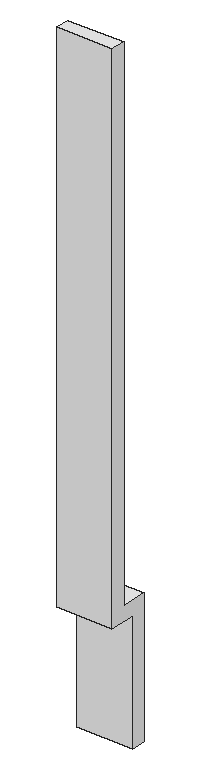
Revit family "Base Cabinet-Filler (M)", category 케이스워크, Revit 2026
Family settings
  작업 기준면 기반 = 아니오
  항상 수직 = 예
  로드될 때 보이드를 사용하여 절단 = 아니오
  공유 = 아니오
  룸 계산 점 = 아니오
Parameters (values of type "75mm")
  기본 높이 = 0 mm
  Cabinet Material = none
  깊이 = 600 mm
  높이 = 860 mm
  Plinth Depth = 35 mm
  Plinth Height = 160 mm
  Width [instance] = 75 mm
Reference planes
  plane 1 "Back": y = 0
  plane 2: z = 0
  plane 3 "Center": x = 18.738
  plane 4 "Left": x = -18.762
  plane 5 "Right": x = 56.238
  plane 6 "Front": y = -600
  plane 7 "Top": z = 860
  plane 8: y = -565
  plane 9: z = 160
  plane 10: z = 840.95
  plane 11: z = 179.05
  plane 12: z = 510
  plane 13: z = 490.95
Forms (mm)
  Sweep 1, solid, material <- "Cabinet Material"
    path origin (0, 0, 0) x (1, 0, 0) y (0, 1, 0)
      loop
        line (56.238, -600) -> (-18.762, -600)
    profile origin (18.738, 0, 0) x (0, -1, 0) y (0, 0, 1)
      loop
        line (565, 160) -> (600, 160) -> (600, 860) -> (580.95, 860) -> (580.95, 179.05) -> (545.95, 179.05) -> (545.95, 0) -> (565, 0) -> (565, 160)
Lines and regions (mm)
  symbolic lines, style "Plan Rep - Below"
    curve 1: line (56.238, -600, 0) -> (-18.762, -600, 0)
    curve 2: line (56.238, 0, 0) -> (56.238, -600, 0)
    curve 3: line (-18.762, 0, 0) -> (56.238, 0, 0)
    curve 4: line (-18.762, -600, 0) -> (-18.762, 0, 0)
Dimensions and locks
  "깊이": plane 6 "Front" to plane 1 "Back"
  "Width": plane 4 "Left" to plane 5 "Right"
  equal spacing: plane 4 "Left", plane 3 "Center", plane 5 "Right"
  "높이": level to plane 7 "Top"
  "Plinth Height": plane 2 to plane 9
  "Plinth Depth": plane 6 "Front" to plane 8
  locked: plane 7 "Top" to plane 10 at 19.05
  locked: plane 11 to plane 9 at 19.05
  equal spacing: plane 10, plane 12, plane 11
  locked: plane 12 to plane 13 at 19.05
  aligned and locked: Sweep 1 sketch curve to plane 6 "Front"
  aligned and locked: plane 7 "Top" to Sweep 1 sketch curve
  aligned and locked: Sweep 1 sketch curve to plane 9
  aligned and locked: plane 6 "Front" to Sweep 1 sketch curve
  aligned and locked: Sweep 1 sketch curve to plane 8
  aligned and locked: plane 2 to Sweep 1 sketch curve
Automatic sketch dimensions
  curve 1 to plane 4 "Left" = 0 mm
  curve 3 to plane 1 "Back" = 0 mm
  curve 3 to plane 5 "Right" = 0 mm
  curve 1 to plane 6 "Front" = 0 mm
  Sweep 1 sketch curve to plane 5 "Right" = 0 mm
  Sweep 1 sketch curve to plane 4 "Left" = 0 mm
  Sweep 1 sketch curve to Sweep 1 sketch curve = 19.05 mm  (x2)
  profile plane to Sweep 1 sketch curve = 19.05 mm
